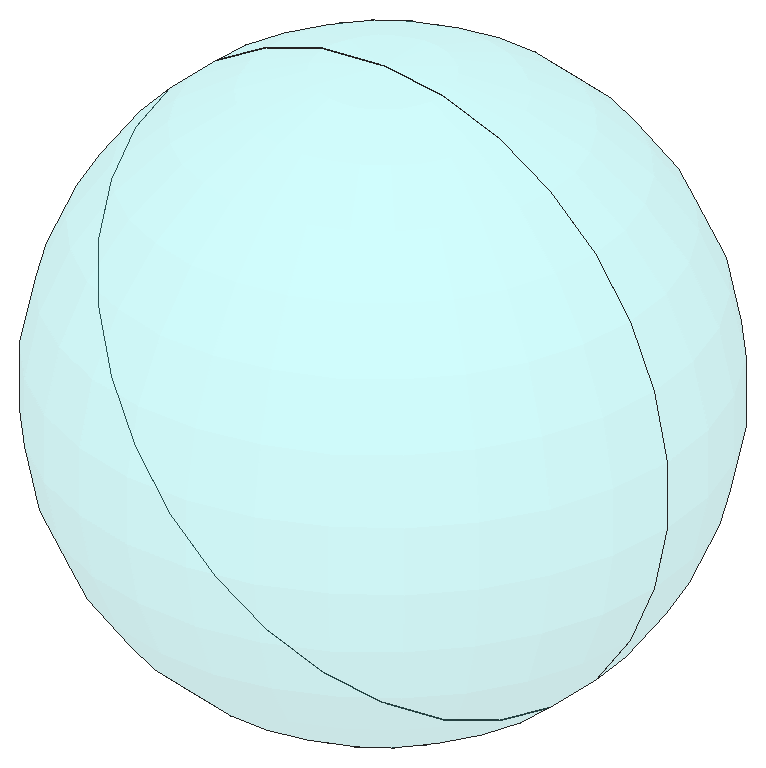
Revit family "Sphere", category Generic Models, Revit 2019
Family settings
  Can host rebar = No
  Round Connector Dimension = Use Diameter
  Part Type = Normal
  Work Plane-Based = No
  Always vertical = Yes
  Cut with Voids When Loaded = No
  Shared = No
  Room Calculation Point = No
Parameters
  Diameter [instance] = 100 mm
Reference planes
  plane 1 "Center (Front/Back)": y = 0
  plane 2: z = 0
  plane 3 "Center (Left/Right)": x = 0
Forms (mm)
  Revolve 1, solid, material "Blue"
    sketch origin (0, 0, 0) x (1, 0, 0) y (0, 0, 1)
      loop
        arc (0, 50) -> (-50, 0) -> (0, -50) r 50
        line (0, -50) -> (0, 50)
      axis (0, 50) -> (0, -50)
    angle from 0 to 360
Lines and regions (mm)
  model lines
    curve 1: line (-50, 0, 0) -> (50, 0, 0)
    curve 2: line (0, 0, 50) -> (0, 0, -50)
Dimensions and locks
  equal spacing: Revolve 1 sketch curve, plane 2, Revolve 1 sketch curve
  "Diameter": Revolve 1 sketch curve to Revolve 1 sketch curve
  equal spacing: curve 1, plane 3 "Center (Left/Right)", curve 1
  "Diameter": curve 1 to curve 1
  equal spacing: curve 2, plane 2, curve 2
  "Diameter": curve 2 to curve 2
  aligned and locked: level to plane 2
  aligned and locked: Revolve 1 sketch curve to plane 3 "Center (Left/Right)"
  aligned and locked: curve 2 to plane 3 "Center (Left/Right)"
  aligned and locked: curve 1 to level
Automatic sketch dimensions
  Revolve 1 sketch curve to plane 3 "Center (Left/Right)" = 0 mm
  Revolve 1 sketch curve to Revolve 1 sketch curve = 86.045 mm
  Revolve 1 sketch curve to Revolve 1 sketch curve = 500 mm
